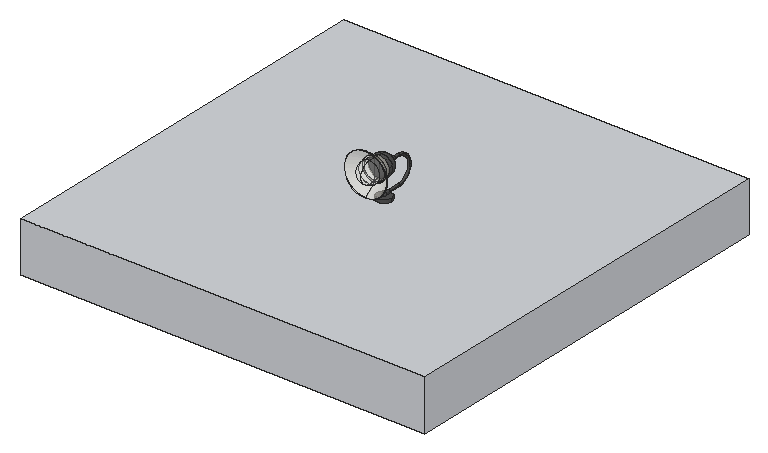
Revit family "M_Luminária de parede - Arandela", category Luminárias, Revit 2019
Family settings
  Hospedeiro = Face
  Cota do conector redondo = Utilizar diâmetro
  Tipo de parte = Normal
  Número OmniClass = 23.80.70.11.11
  Título OmniClass = General Luminaries, Non Directional
  ID de item do Seek = Wall Lamp - Bracket-0000-CAN-ENU
  Corte com vazios quando carregada = Não
  Fonte luminosa = Sim
  Compartilhado = Não
  Ponto de cálculo do ambiente = Não
Parameters (values of type "100W - 120V")
  Wattage = 100 W
  Material montado na parede = Aço, Cromo polido
  built-in parameter 1150110 = 1 (stored number, unit not read)
  built-in parameter 1114217 = 1 (stored number, unit not read)
  built-in parameter 1150109 = 1 (stored number, unit not read)
  built-in parameter 1150134 = 4
  built-in parameter 1150113 = 1 (stored number, unit not read)
  Tilt Angle = 90.00°
  Material de sombra = Vidro, Jateado
  Arquivo de rede fotométrica = "WLB1A19.ies"
  Lumens = 1690 lm
  built-in parameter 1150115 = 1 (stored number, unit not read)
  built-in parameter 1150105 = 134.49 (stored number, unit not read)
  Classificação de carga = Iluminação - Unidade de interrupção
  built-in parameter 1150137 = 1
  built-in parameter 1150139 = (empty or 0)
  built-in parameter 1150112 = 1 (stored number, unit not read)
  built-in parameter 1150114 = 1 (stored number, unit not read)
  built-in parameter 1150132 = (empty or 0)
  built-in parameter 1150102 = (empty or 0)
  built-in parameter 1150138 = (empty or 0)
  built-in parameter 1150107 = 2800 (stored number, unit not read)
  built-in parameter 1150106 = 1.3449 (stored number, unit not read)
  built-in parameter 1150104 = 1.5701 (stored number, unit not read)
  Dimming Lamp Color Temperature Shift = (empty or 0)
  Color Filter = 16777215
  Voltagem do transformador = 120 V
  Transformador por número de postes = 1
  Lâmpada = "A-19"
  Elevação-padrão = 1200 mm
  built-in parameter 1140040 [instance] = 1
  Material do bulbo = Vidro, Branco, Alta Luminosidade
  built-in parameter 1114218 = 1 (stored number, unit not read)
  built-in parameter 1150133 = 10 (stored number, unit not read)
  Código de montagem = "D5020220"
  Carga aparente = 100 VA
Types (4, lengths in mm): name | Wattage | Arquivo de rede fotométrica | Lumens | built-in parameter 1150105 | built-in parameter 1150106 | built-in parameter 1150104 | Voltagem do transformador | Lâmpada | Carga aparente
  100W - 120V | 100 W | "WLB1A19.ies" | 1690 lm | 134.49 (stored number, unit not read) | 1.3449 (stored number, unit not read) | 1.5701 (stored number, unit not read) | 120 V | "A-19" | 100 VA
  100W - 277V | 100 W | "WLB1A19.ies" | 1690 lm | 134.49 (stored number, unit not read) | 1.3449 (stored number, unit not read) | 1.5701 (stored number, unit not read) | 277 V | "A-19" | 100 VA
  150W - 120V | 150 W | "WLB1A21.ies" | 2779.5 lm | 221.19 (stored number, unit not read) | 2.2119 (stored number, unit not read) | 1.7215 (stored number, unit not read) | 120 V | "A-21" | 150 VA
  150W - 277V | 150 W | "WLB1A21.ies" | 2779.5 lm | 221.19 (stored number, unit not read) | 2.2119 (stored number, unit not read) | 1.7215 (stored number, unit not read) | 277 V | "A-21" | 150 VA
Reference planes
  plane 1 "Centro (Frente/Trás)": y = 0
  plane 2: z = 0
  plane 3 "Centro (Esquerda/Direita)": x = 0
  plane 4: z = 15.875
  plane 5: z = 58.738
  plane 6: z = 188.913
  plane 7: z = 319.088
  plane 8: y = 10.319
  plane 9: y = 44.45
Forms (mm)
  Extrusion 1, solid
    sketch origin (0, 0, 0) x (1, 0, 0) y (0, 1, 0)
      loop
        line (-1219.2, 1219.2) -> (-1219.2, -1219.2) -> (1219.2, -1219.2) -> (1219.2, 1219.2) -> (-1219.2, 1219.2)
    from 0 to -304.8
  Extrusion 2, solid, material "Aço, Cromo polido" <- "Material montado na parede"
    sketch origin (0, 0, 0) x (1, 0, 0) y (0, 1, 0)
      loop
        circle (0, 0) r 43.061
    from 0 to 15.875
  Revolve 3, solid, material "Aço, Cromo polido" <- "Material montado na parede"
    sketch origin (0, 0, 0) x (0, 1, 0) y (0, 0, 1)
      loop
        line (0, 15.875) -> (27.781, 15.875) -> (27.781, 25.4) -> (-9.525, 25.4)
        arc (-9.525, 25.4) -> (-6.735, 18.665) -> (0, 15.875) r 9.525
      axis (27.781, 25.4) -> (-9.525, 25.4)
    angle from 0 to 360
  Sweep 4, solid, material "Aço, Cromo polido" <- "Material montado na parede"
    path origin (0, 0, 0) x (0, 1, 0) y (0, 0, 1)
      loop
        line (10.319, 25.4) -> (105.569, 25.4)
        arc (105.569, 25.4) -> (187.325, 107.156) -> (105.569, 188.912) r 81.756
        line (105.569, 188.912) -> (47.625, 188.912)
    profile origin (0, 57.944, 25.4) x (0, 0, 1) y (1, 0, 0)
      loop
        circle (0, 0) r 6.35
  Revolve 5, solid, material "Aço, Cromo polido" <- "Material montado na parede"
    sketch origin (0, 0, 0) x (0, 1, 0) y (0, 0, 1)
      loop
        line (69.85, 188.912) -> (44.45, 188.912) -> (44.45, 179.387) -> (69.85, 179.387) -> (69.85, 188.912)
      axis (69.85, 188.912) -> (44.45, 188.912)
    angle from 0 to 360
  Revolve 6, solid, material "Aço, Cromo polido" <- "Material montado na parede"
    sketch origin (0, 21.431, 0) x (0, 1, 0) y (0, 0, 1)
      loop
        line (22.225, 188.912) -> (-59.531, 188.912) -> (-59.531, 125.412) -> (-41.275, 125.412)
        arc (-41.275, 125.412) -> (3.626, 144.011) -> (22.225, 188.912) r 63.5
      axis (22.225, 188.912) -> (-59.531, 188.912)
    angle from 0 to 360
  Revolve 7, solid, material "Vidro, Jateado" <- "Material de sombra"
    sketch origin (0, 21.431, 0) x (0, 1, 0) y (0, 0, 1)
      loop
        line (-59.531, 252.412) -> (-92.075, 252.412) -> (-92.075, 261.831) -> (-160.338, 319.11) -> (-160.338, 314.965) -> (-95.25, 260.35) -> (-95.25, 249.237) -> (-59.531, 249.237) -> (-59.531, 252.412)
      axis (-59.531, 188.912) -> (-160.338, 188.912)
    angle from 0 to 360
  Revolve 8, solid, material "Vidro, Branco, Alta Luminosidade" <- "Material do bulbo"
    sketch origin (0, 21.431, 0) x (0, 1, 0) y (0, 0, 1)
      loop
        line (-92.075, 252.412) -> (-132.556, 252.412)
        arc (-132.556, 252.412) -> (-177.458, 233.814) -> (-196.056, 188.912) r 63.5
        line (-196.056, 188.912) -> (-92.075, 188.912) -> (-92.075, 252.412)
      axis (-92.075, 188.912) -> (-196.056, 188.912)
    angle from 0 to 360
Cuts and joins
  joined: Extrusion 2, Revolve 3, Sweep 4, Revolve 5, Revolve 6
Lines and regions (mm)
  symbolic lines
    curve 1: circle (0, 0, 188.913) r 130.175 normal (0, -1, 0)
    curve 2: line (-43.166, 0, 0) -> (43.044, 0, 0)
    curve 3: line (0, 0, 188.913) -> (0, 0, 15.875)
    curve 4: line (-43.166, -138.906, 0) -> (-43.166, -138.906, 15.875)
    curve 5: line (-43.166, -138.906, 15.875) -> (43.061, -138.906, 15.875)
    curve 6: line (43.061, -138.906, 15.875) -> (43.061, -138.906, 0)
Dimensions and locks
  locked: plane 4 to plane 2 at 15.875
  locked: plane 5 to plane 4 at 42.863
  locked: plane 6 to plane 5 at 130.175
  locked: plane 7 to plane 6 at 130.175
  locked: plane 8 to plane 1 "Centro (Frente/Trás)" at 10.319
  locked: Revolve 3 sketch curve to plane 8 at 17.462
  locked: Sweep 4 sketch curve to plane 8 at 95.25
  locked: Sweep 4 sketch curve to plane 4 at 9.525
  locked: Sweep 4 sketch curve to plane 8 at 37.306
  locked: Revolve 6 to Revolve 7 sketch curve at 32.544
  locked: plane 6 to Revolve 8 sketch curve at 63.5
  locked: plane 3 "Centro (Esquerda/Direita)" to curve 2 at 43.166
  locked: curve 2 to plane 3 "Centro (Esquerda/Direita)" at 43.044
  locked: plane 9 to plane 8 at 34.131
  locked: Revolve 5 sketch curve to plane 9 at 25.4
  radius of Extrusion 2 sketch curve = 43.061 mm
  radius of curve 1 = 130.175 mm
  aligned and locked: plane 2 to Extrusion 1
  aligned and locked: level to Extrusion 1
  aligned and locked: plane 1 "Centro (Frente/Trás)" to Extrusion 2 sketch curve
  aligned and locked: plane 3 "Centro (Esquerda/Direita)" to Extrusion 2 sketch curve
  aligned and locked: Extrusion 2 to plane 2
  aligned and locked: plane 4 to Extrusion 2
  aligned and locked: plane 4 to Revolve 3 sketch curve
  aligned and locked: plane 6 to Sweep 4 sketch curve
  aligned and locked: plane 6 to curve 1
  aligned and locked: plane 3 "Centro (Esquerda/Direita)" to curve 1
  aligned and locked: curve 2 to plane 2
  aligned and locked: curve 3 to plane 3 "Centro (Esquerda/Direita)"
  aligned and locked: imposter light to plane 6
Connectors
  electrical at (0, -138.906, 188.912), driven by "Carga aparente", driven by "Voltagem do transformador", driven by "Transformador por número de postes", driven by "Classificação de carga"
    settings: on Revolve 7, index 1, voltage 120 V, apparent load 0 VA, apparent load phase1 100 VA, apparent load phase2 0 VA, apparent load phase3 0 VA, power factor 0.95, load classification "Iluminação - Unidade de interrupção", number of poles 1, system type 31, power factor state 1, is connector primary yes, connector utility no, sub classification motor no, connector description ""
